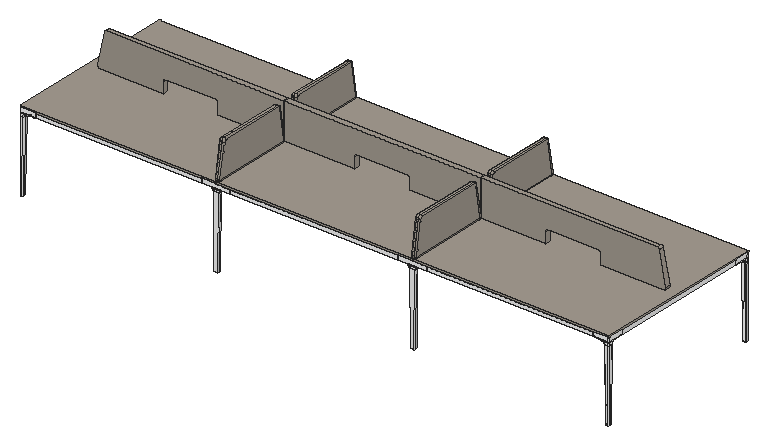
Revit family "BDG_BossDesign_Tbls_ATOM_Desks1", category Furniture, Revit 2016 (continued)
Definition of nested family "AtomTablesPartitionsSet2"
  Forms (mm)
    Extrusion 15, solid, material <- "ScreenPanelMaterial", visible <- "IsVerticalPartition3Bay"
      sketch origin (1000, 0, 0) x (0, 1, 0) y (0, 0, 1)
        loop
          line (729.612, 1065) -> (107.836, 1065)
          arc (107.836, 1065) -> (94.956, 1060.301) -> (88.129, 1048.411) r 20
      from -20 to 20
    Sweep 16, void
      path in 3D
        loop
          arc (980, 729.612, 1065) -> (980, 742.492, 1060.301) -> (980, 749.319, 1048.411) r 20
          line (980, 749.319, 1048.411) -> (980, 799.511, 758.411)
          arc (980, 799.511, 758.411) -> (980, 795.105, 742.12) -> (980, 779.804, 735) r 20
          line (980, 779.804, 735) -> (980, 57.643, 735)
          arc (980, 57.643, 735) -> (980, 42.343, 742.12) -> (980, 37.936, 758.411) r 20
          line (980, 37.936, 758.411) -> (980, 88.129, 1048.411)
          arc (980, 88.129, 1048.411) -> (980, 94.956, 1060.301) -> (980, 107.836, 1065) r 20
          line (980, 107.836, 1065) -> (980, 729.612, 1065)
      profile origin (980, 418.724, 1065) x (-1, 0, 0) y (0, 0, 1)
        loop
          line (0, 0) -> (-10, 0)
          arc (-10, 0) -> (-2.929, -2.929) -> (0, -10) r 10
          line (0, -10) -> (0, 0)
    Sweep 17, void
      path in 3D
        loop
          arc (-1020, 729.612, 1065) -> (-1020, 742.492, 1060.301) -> (-1020, 749.319, 1048.411) r 20
          line (-1020, 749.319, 1048.411) -> (-1020, 799.511, 758.411)
          arc (-1020, 799.511, 758.411) -> (-1020, 795.105, 742.12) -> (-1020, 779.804, 735) r 20
          line (-1020, 779.804, 735) -> (-1020, 57.643, 735)
          arc (-1020, 57.643, 735) -> (-1020, 42.343, 742.12) -> (-1020, 37.936, 758.411) r 20
          line (-1020, 37.936, 758.411) -> (-1020, 88.129, 1048.411)
          arc (-1020, 88.129, 1048.411) -> (-1020, 94.956, 1060.301) -> (-1020, 107.836, 1065) r 20
          line (-1020, 107.836, 1065) -> (-1020, 729.612, 1065)
      profile origin (-1020, 418.724, 1065) x (-1, 0, 0) y (0, 0, 1)
        loop
          line (0, 0) -> (-10, 0)
          arc (-10, 0) -> (-2.929, -2.929) -> (0, -10) r 10
          line (0, -10) -> (0, 0)
    Sweep 18, void
      path in 3D
        loop
          line (1020, 107.836, 1065) -> (1020, 729.612, 1065)
          arc (1020, 729.612, 1065) -> (1020, 742.492, 1060.301) -> (1020, 749.319, 1048.411) r 20
          line (1020, 749.319, 1048.411) -> (1020, 799.511, 758.411)
          arc (1020, 799.511, 758.411) -> (1020, 795.105, 742.12) -> (1020, 779.804, 735) r 20
          line (1020, 779.804, 735) -> (1020, 57.643, 735)
          arc (1020, 57.643, 735) -> (1020, 42.343, 742.12) -> (1020, 37.936, 758.411) r 20
          line (1020, 37.936, 758.411) -> (1020, 88.129, 1048.411)
          arc (1020, 88.129, 1048.411) -> (1020, 94.956, 1060.301) -> (1020, 107.836, 1065) r 20
      profile origin (1020, 94.956, 1060.301) x (0, -0.643995, 0.76503) y (1, 0, 0)
        loop
          line (0, 0) -> (-10, 0)
          arc (-10, 0) -> (-2.929, -2.929) -> (0, -10) r 10
          line (0, -10) -> (0, 0)
    Sweep 19, void
      path in 3D
        loop
          arc (-980, 107.836, 1065) -> (-980, 94.956, 1060.301) -> (-980, 88.129, 1048.411) r 20
          line (-980, 88.129, 1048.411) -> (-980, 37.936, 758.411)
          arc (-980, 37.936, 758.411) -> (-980, 42.343, 742.12) -> (-980, 57.643, 735) r 20
          line (-980, 57.643, 735) -> (-980, 779.804, 735)
          arc (-980, 779.804, 735) -> (-980, 795.105, 742.12) -> (-980, 799.511, 758.411) r 20
          line (-980, 799.511, 758.411) -> (-980, 749.319, 1048.411)
          arc (-980, 749.319, 1048.411) -> (-980, 742.492, 1060.301) -> (-980, 729.612, 1065) r 20
          line (-980, 729.612, 1065) -> (-980, 107.836, 1065)
      profile origin (-980, 418.724, 1065) x (1, 0, 0) y (0, 0, 1)
        loop
          line (0, 0) -> (-10, 0)
          arc (-10, 0) -> (-2.929, -2.929) -> (0, -10) r 10
          line (0, -10) -> (0, 0)
    Extrusion 20, solid, material <- "ScreenPanelMaterial", visible <- "IsVerticalPartition3Bay"
      sketch origin (-1000, 0, 0) x (0, -1, 0) y (0, 0, 1)
        loop
          line (88.129, 1048.411) -> (37.936, 758.411)
          arc (37.936, 758.411) -> (42.343, 742.12) -> (57.643, 735) r 20
          line (57.643, 735) -> (779.804, 735)
          arc (779.804, 735) -> (795.105, 742.12) -> (799.511, 758.411) r 20
          line (799.511, 758.411) -> (749.319, 1048.411)
          arc (749.319, 1048.411) -> (742.492, 1060.301) -> (729.612, 1065) r 20
          line (729.612, 1065) -> (107.836, 1065)
          arc (107.836, 1065) -> (94.956, 1060.301) -> (88.129, 1048.411) r 20
      from -20 to 20
    Extrusion 21, solid, material <- "ScreenPanelMaterial", visible <- "IsVerticalPartition3Bay"
      sketch origin (1000, 0, 0) x (0, -1, 0) y (0, 0, -1)
        loop
          arc (88.129, -1048.411) -> (94.956, -1060.301) -> (107.836, -1065) r 20
          line (107.836, -1065) -> (729.612, -1065)
          arc (729.612, -1065) -> (742.492, -1060.301) -> (749.319, -1048.411) r 20
          line (749.319, -1048.411) -> (799.511, -758.411)
          arc (799.511, -758.411) -> (795.105, -742.12) -> (779.804, -735) r 20
          line (779.804, -735) -> (57.643, -735)
          arc (57.643, -735) -> (42.343, -742.12) -> (37.936, -758.411) r 20
          line (37.936, -758.411) -> (88.129, -1048.411)
      from -20 to 20
    Sweep 22, void
      path in 3D
        loop
          arc (-980, -729.612, 1065) -> (-980, -742.492, 1060.301) -> (-980, -749.319, 1048.411) r 20
          line (-980, -749.319, 1048.411) -> (-980, -799.511, 758.411)
          arc (-980, -799.511, 758.411) -> (-980, -795.105, 742.12) -> (-980, -779.804, 735) r 20
          line (-980, -779.804, 735) -> (-980, -57.643, 735)
          arc (-980, -57.643, 735) -> (-980, -42.343, 742.12) -> (-980, -37.936, 758.411) r 20
          line (-980, -37.936, 758.411) -> (-980, -88.129, 1048.411)
          arc (-980, -88.129, 1048.411) -> (-980, -94.956, 1060.301) -> (-980, -107.836, 1065) r 20
          line (-980, -107.836, 1065) -> (-980, -729.612, 1065)
      profile origin (-980, -418.724, 1065) x (1, 0, 0) y (0, 0, 1)
        loop
          line (0, 0) -> (-10, 0)
          arc (-10, 0) -> (-2.929, -2.929) -> (0, -10) r 10
          line (0, -10) -> (0, 0)
    Sweep 23, void
      path in 3D
        loop
          arc (1020, -729.612, 1065) -> (1020, -742.492, 1060.301) -> (1020, -749.319, 1048.411) r 20
          line (1020, -749.319, 1048.411) -> (1020, -799.511, 758.411)
          arc (1020, -799.511, 758.411) -> (1020, -795.105, 742.12) -> (1020, -779.804, 735) r 20
          line (1020, -779.804, 735) -> (1020, -57.643, 735)
          arc (1020, -57.643, 735) -> (1020, -42.343, 742.12) -> (1020, -37.936, 758.411) r 20
          line (1020, -37.936, 758.411) -> (1020, -88.129, 1048.411)
          arc (1020, -88.129, 1048.411) -> (1020, -94.956, 1060.301) -> (1020, -107.836, 1065) r 20
          line (1020, -107.836, 1065) -> (1020, -729.612, 1065)
      profile origin (1020, -418.724, 1065) x (1, 0, 0) y (0, 0, 1)
        loop
          line (0, 0) -> (-10, 0)
          arc (-10, 0) -> (-2.929, -2.929) -> (0, -10) r 10
          line (0, -10) -> (0, 0)
    Sweep 24, void
      path in 3D
        loop
          arc (980, -107.836, 1065) -> (980, -94.956, 1060.301) -> (980, -88.129, 1048.411) r 20
          line (980, -88.129, 1048.411) -> (980, -37.936, 758.411)
          arc (980, -37.936, 758.411) -> (980, -42.343, 742.12) -> (980, -57.643, 735) r 20
          line (980, -57.643, 735) -> (980, -779.804, 735)
          arc (980, -779.804, 735) -> (980, -795.105, 742.12) -> (980, -799.511, 758.411) r 20
          line (980, -799.511, 758.411) -> (980, -749.319, 1048.411)
          arc (980, -749.319, 1048.411) -> (980, -742.492, 1060.301) -> (980, -729.612, 1065) r 20
          line (980, -729.612, 1065) -> (980, -107.836, 1065)
      profile origin (980, -418.724, 1065) x (-1, 0, 0) y (0, 0, 1)
        loop
          line (0, 0) -> (-10, 0)
          arc (-10, 0) -> (-2.929, -2.929) -> (0, -10) r 10
          line (0, -10) -> (0, 0)
    Sweep 25, void
      path in 3D
        loop
          line (-1020, -107.836, 1065) -> (-1020, -729.612, 1065)
          arc (-1020, -729.612, 1065) -> (-1020, -742.492, 1060.301) -> (-1020, -749.319, 1048.411) r 20
          line (-1020, -749.319, 1048.411) -> (-1020, -799.511, 758.411)
          arc (-1020, -799.511, 758.411) -> (-1020, -795.105, 742.12) -> (-1020, -779.804, 735) r 20
          line (-1020, -779.804, 735) -> (-1020, -57.643, 735)
          arc (-1020, -57.643, 735) -> (-1020, -42.343, 742.12) -> (-1020, -37.936, 758.411) r 20
          line (-1020, -37.936, 758.411) -> (-1020, -88.129, 1048.411)
          arc (-1020, -88.129, 1048.411) -> (-1020, -94.956, 1060.301) -> (-1020, -107.836, 1065) r 20
      profile origin (-1020, -94.956, 1060.301) x (0, 0.643995, 0.76503) y (-1, 0, 0)
        loop
          line (0, 0) -> (-10, 0)
          arc (-10, 0) -> (-2.929, -2.929) -> (0, -10) r 10
          line (0, -10) -> (0, 0)
    Extrusion 26, solid, material <- "ScreenPanelMaterial", visible <- "Is3BayPartitionOther"
      sketch origin (-2422.54, 0, 0) x (1, 0, 0) y (0, 0, 1)
        loop
          line (477.936, 1048.959) -> (419.378, 758.959)
          arc (419.378, 758.959) -> (423.504, 742.335) -> (438.982, 735) r 20
          line (438.982, 735) -> (818.54, 735) -> (818.54, 835)
          arc (818.54, 835) -> (824.398, 849.142) -> (838.54, 855) r 20
          line (838.54, 855) -> (1298.54, 855)
          arc (1298.54, 855) -> (1312.682, 849.142) -> (1318.54, 835) r 20
          line (1318.54, 835) -> (1318.54, 735) -> (1722.54, 735) -> (1722.54, 1065) -> (497.54, 1065)
          arc (497.54, 1065) -> (484.875, 1060.479) -> (477.936, 1048.959) r 20
      from -20 to 20
    Extrusion 27, solid, material <- "ScreenPanelMaterial", visible <- "Is3BayPartition"
      sketch origin (-3122.54, 0, 0) x (1, 0, 0) y (0, 0, 1)
        loop
          line (577.936, 1048.959) -> (519.378, 758.959)
          arc (519.378, 758.959) -> (523.504, 742.335) -> (538.982, 735) r 20
          line (538.982, 735) -> (1118.54, 735) -> (1118.54, 835)
          arc (1118.54, 835) -> (1124.398, 849.142) -> (1138.54, 855) r 20
          line (1138.54, 855) -> (1598.54, 855)
          arc (1598.54, 855) -> (1612.682, 849.142) -> (1618.54, 835) r 20
          line (1618.54, 835) -> (1618.54, 735) -> (2222.54, 735) -> (2222.54, 1065) -> (597.54, 1065)
          arc (597.54, 1065) -> (584.875, 1060.479) -> (577.936, 1048.959) r 20
      from -20 to 20
    Extrusion 28, solid, material <- "ScreenPanelMaterial", visible <- "Is3BayPartition"
      sketch origin (3122.54, 0, 0) x (-1, 0, 0) y (0, 0, -1)
        loop
          arc (577.936, -1048.959) -> (584.875, -1060.479) -> (597.54, -1065) r 20
          line (597.54, -1065) -> (2222.54, -1065) -> (2222.54, -735) -> (1618.54, -735) -> (1618.54, -835)
          arc (1618.54, -835) -> (1612.682, -849.142) -> (1598.54, -855) r 20
          line (1598.54, -855) -> (1138.54, -855)
          arc (1138.54, -855) -> (1124.398, -849.142) -> (1118.54, -835) r 20
          line (1118.54, -835) -> (1118.54, -735) -> (538.982, -735)
          arc (538.982, -735) -> (523.504, -742.335) -> (519.378, -758.959) r 20
          line (519.378, -758.959) -> (577.936, -1048.959)
      from -20 to 20
    Extrusion 29, solid, material <- "ScreenPanelMaterial", visible <- "Is3BayPartitionOther"
      sketch origin (2422.54, 0, 0) x (-1, 0, 0) y (0, 0, -1)
        loop
          arc (477.936, -1048.959) -> (484.875, -1060.479) -> (497.54, -1065) r 20
          line (497.54, -1065) -> (1722.54, -1065) -> (1722.54, -735) -> (1318.54, -735) -> (1318.54, -835)
          arc (1318.54, -835) -> (1312.682, -849.142) -> (1298.54, -855) r 20
          line (1298.54, -855) -> (838.54, -855)
          arc (838.54, -855) -> (824.398, -849.142) -> (818.54, -835) r 20
          line (818.54, -835) -> (818.54, -735) -> (438.982, -735)
          arc (438.982, -735) -> (423.504, -742.335) -> (419.378, -758.959) r 20
          line (419.378, -758.959) -> (477.936, -1048.959)
      from -20 to 20
  Cuts and joins
    Sweep 4, Sweep 5, Sweep 10 cuts Extrusion 2
    Sweep 6, Sweep 7 cuts Extrusion 1
    Sweep 10, Sweep 11 cuts Extrusion 9
    Sweep 12, Sweep 13 cuts Extrusion 8
    Sweep 16, Sweep 18 cuts Extrusion 15
    Sweep 17, Sweep 19 cuts Extrusion 14
    Sweep 22, Sweep 25 cuts Extrusion 20
    Sweep 23, Sweep 24 cuts Extrusion 21
  Lines and regions (mm)
    sketch lines
      curve 1: line (-20, -88.129, 1048.411) -> (-20, -37.936, 758.411)
      curve 2: arc (-20, -729.612, 1065) -> (-20, -742.492, 1060.301) -> (-20, -749.319, 1048.411) r 20
      curve 3: line (-20, -729.612, 1065) -> (-20, -107.836, 1065)
      curve 4: line (-20, -799.511, 758.411) -> (-20, -749.319, 1048.411)
      curve 5: arc (-20, -799.511, 758.411) -> (-20, -795.105, 742.12) -> (-20, -779.804, 735) r 20
      curve 6: line (-20, -57.643, 735) -> (-20, -779.804, 735)
      curve 7: arc (-20, -57.643, 735) -> (-20, -42.343, 742.12) -> (-20, -37.936, 758.411) r 20
      curve 8: arc (-20, -88.129, 1048.411) -> (-20, -94.956, 1060.301) -> (-20, -107.836, 1065) r 20
      curve 9: line (20, -107.836, 1065) -> (20, -729.612, 1065)
      curve 10: arc (20, -107.836, 1065) -> (20, -94.956, 1060.301) -> (20, -88.129, 1048.411) r 20
      curve 11: line (20, -37.936, 758.411) -> (20, -88.129, 1048.411)
      curve 12: arc (20, -37.936, 758.411) -> (20, -42.343, 742.12) -> (20, -57.643, 735) r 20
      curve 13: line (20, -779.804, 735) -> (20, -57.643, 735)
      curve 14: arc (20, -779.804, 735) -> (20, -795.105, 742.12) -> (20, -799.511, 758.411) r 20
      curve 15: line (20, -749.319, 1048.411) -> (20, -799.511, 758.411)
      curve 16: arc (20, -749.319, 1048.411) -> (20, -742.492, 1060.301) -> (20, -729.612, 1065) r 20
      curve 17: arc (20, 729.612, 1065) -> (20, 742.492, 1060.301) -> (20, 749.319, 1048.411) r 20
      curve 18: line (20, 799.511, 758.411) -> (20, 749.319, 1048.411)
      curve 19: arc (20, 799.511, 758.411) -> (20, 795.105, 742.12) -> (20, 779.804, 735) r 20
      curve 20: line (20, 57.643, 735) -> (20, 779.804, 735)
      curve 21: arc (20, 57.643, 735) -> (20, 42.343, 742.12) -> (20, 37.936, 758.411) r 20
      curve 22: line (20, 88.129, 1048.411) -> (20, 37.936, 758.411)
      curve 23: arc (20, 88.129, 1048.411) -> (20, 94.956, 1060.301) -> (20, 107.836, 1065) r 20
      curve 24: line (20, 729.612, 1065) -> (20, 107.836, 1065)
      curve 25: arc (-20, 107.836, 1065) -> (-20, 94.956, 1060.301) -> (-20, 88.129, 1048.411) r 20
      curve 26: line (-20, 37.936, 758.411) -> (-20, 88.129, 1048.411)
      curve 27: arc (-20, 37.936, 758.411) -> (-20, 42.343, 742.12) -> (-20, 57.643, 735) r 20
      curve 28: line (-20, 779.804, 735) -> (-20, 57.643, 735)
      curve 29: arc (-20, 779.804, 735) -> (-20, 795.105, 742.12) -> (-20, 799.511, 758.411) r 20
      curve 30: line (-20, 749.319, 1048.411) -> (-20, 799.511, 758.411)
      curve 31: line (-20, 107.836, 1065) -> (-20, 729.612, 1065)
      curve 32: arc (-20, 749.319, 1048.411) -> (-20, 742.492, 1060.301) -> (-20, 729.612, 1065) r 20
      curve 33: line (-20, -88.129, 1048.411) -> (-20, -37.936, 758.411)
      curve 34: arc (-20, -729.612, 1065) -> (-20, -742.492, 1060.301) -> (-20, -749.319, 1048.411) r 20
      curve 35: line (-20, -729.612, 1065) -> (-20, -107.836, 1065)
      curve 36: line (-20, -799.511, 758.411) -> (-20, -749.319, 1048.411)
      curve 37: arc (-20, -799.511, 758.411) -> (-20, -795.105, 742.12) -> (-20, -779.804, 735) r 20
      curve 38: line (-20, -57.643, 735) -> (-20, -779.804, 735)
      curve 39: arc (-20, -57.643, 735) -> (-20, -42.343, 742.12) -> (-20, -37.936, 758.411) r 20
      curve 40: arc (-20, -88.129, 1048.411) -> (-20, -94.956, 1060.301) -> (-20, -107.836, 1065) r 20
      curve 41: line (20, -107.836, 1065) -> (20, -729.612, 1065)
      curve 42: arc (20, -107.836, 1065) -> (20, -94.956, 1060.301) -> (20, -88.129, 1048.411) r 20
      curve 43: line (20, -37.936, 758.411) -> (20, -88.129, 1048.411)
      curve 44: arc (20, -37.936, 758.411) -> (20, -42.343, 742.12) -> (20, -57.643, 735) r 20
      curve 45: line (20, -779.804, 735) -> (20, -57.643, 735)
      curve 46: arc (20, -779.804, 735) -> (20, -795.105, 742.12) -> (20, -799.511, 758.411) r 20
      curve 47: line (20, -749.319, 1048.411) -> (20, -799.511, 758.411)
      curve 48: arc (20, -749.319, 1048.411) -> (20, -742.492, 1060.301) -> (20, -729.612, 1065) r 20
      curve 49: arc (20, 729.612, 1065) -> (20, 742.492, 1060.301) -> (20, 749.319, 1048.411) r 20
      curve 50: line (20, 799.511, 758.411) -> (20, 749.319, 1048.411)
      curve 51: arc (20, 799.511, 758.411) -> (20, 795.105, 742.12) -> (20, 779.804, 735) r 20
      curve 52: line (20, 57.643, 735) -> (20, 779.804, 735)
      curve 53: arc (20, 57.643, 735) -> (20, 42.343, 742.12) -> (20, 37.936, 758.411) r 20
      curve 54: line (20, 88.129, 1048.411) -> (20, 37.936, 758.411)
      curve 55: arc (20, 88.129, 1048.411) -> (20, 94.956, 1060.301) -> (20, 107.836, 1065) r 20
      curve 56: line (20, 729.612, 1065) -> (20, 107.836, 1065)
      curve 57: arc (-20, 107.836, 1065) -> (-20, 94.956, 1060.301) -> (-20, 88.129, 1048.411) r 20
      curve 58: line (-20, 37.936, 758.411) -> (-20, 88.129, 1048.411)
      curve 59: arc (-20, 37.936, 758.411) -> (-20, 42.343, 742.12) -> (-20, 57.643, 735) r 20
      curve 60: line (-20, 779.804, 735) -> (-20, 57.643, 735)
      curve 61: arc (-20, 779.804, 735) -> (-20, 795.105, 742.12) -> (-20, 799.511, 758.411) r 20
      curve 62: line (-20, 749.319, 1048.411) -> (-20, 799.511, 758.411)
      curve 63: line (-20, 107.836, 1065) -> (-20, 729.612, 1065)
      curve 64: arc (-20, 749.319, 1048.411) -> (-20, 742.492, 1060.301) -> (-20, 729.612, 1065) r 20
      curve 65: line (980, 107.836, 1065) -> (980, 729.612, 1065)
      curve 66: arc (980, 107.836, 1065) -> (980, 94.956, 1060.301) -> (980, 88.129, 1048.411) r 20
      curve 67: line (980, 37.936, 758.411) -> (980, 88.129, 1048.411)
      curve 68: arc (980, 37.936, 758.411) -> (980, 42.343, 742.12) -> (980, 57.643, 735) r 20
      curve 69: line (980, 779.804, 735) -> (980, 57.643, 735)
      curve 70: arc (980, 779.804, 735) -> (980, 795.105, 742.12) -> (980, 799.511, 758.411) r 20
      curve 71: line (980, 749.319, 1048.411) -> (980, 799.511, 758.411)
      curve 72: arc (980, 749.319, 1048.411) -> (980, 742.492, 1060.301) -> (980, 729.612, 1065) r 20
      curve 73: line (-1020, 107.836, 1065) -> (-1020, 729.612, 1065)
      curve 74: arc (-1020, 107.836, 1065) -> (-1020, 94.956, 1060.301) -> (-1020, 88.129, 1048.411) r 20
      curve 75: line (-1020, 37.936, 758.411) -> (-1020, 88.129, 1048.411)
      curve 76: arc (-1020, 37.936, 758.411) -> (-1020, 42.343, 742.12) -> (-1020, 57.643, 735) r 20
      curve 77: line (-1020, 779.804, 735) -> (-1020, 57.643, 735)
      curve 78: arc (-1020, 779.804, 735) -> (-1020, 795.105, 742.12) -> (-1020, 799.511, 758.411) r 20
      curve 79: line (-1020, 749.319, 1048.411) -> (-1020, 799.511, 758.411)
      curve 80: arc (-1020, 749.319, 1048.411) -> (-1020, 742.492, 1060.301) -> (-1020, 729.612, 1065) r 20
      curve 81: arc (1020, 88.129, 1048.411) -> (1020, 94.956, 1060.301) -> (1020, 107.836, 1065) r 20
      curve 82: line (1020, 729.612, 1065) -> (1020, 107.836, 1065)
      curve 83: arc (1020, 57.643, 735) -> (1020, 42.343, 742.12) -> (1020, 37.936, 758.411) r 20
      curve 84: line (1020, 88.129, 1048.411) -> (1020, 37.936, 758.411)
      curve 85: line (1020, 57.643, 735) -> (1020, 779.804, 735)
      curve 86: line (1020, 799.511, 758.411) -> (1020, 749.319, 1048.411)
      curve 87: arc (1020, 799.511, 758.411) -> (1020, 795.105, 742.12) -> (1020, 779.804, 735) r 20
      curve 88: arc (1020, 729.612, 1065) -> (1020, 742.492, 1060.301) -> (1020, 749.319, 1048.411) r 20
      curve 89: line (-980, 729.612, 1065) -> (-980, 107.836, 1065)
      curve 90: arc (-980, 88.129, 1048.411) -> (-980, 94.956, 1060.301) -> (-980, 107.836, 1065) r 20
      curve 91: line (-980, 88.129, 1048.411) -> (-980, 37.936, 758.411)
      curve 92: arc (-980, 57.643, 735) -> (-980, 42.343, 742.12) -> (-980, 37.936, 758.411) r 20
      curve 93: line (-980, 57.643, 735) -> (-980, 779.804, 735)
      curve 94: arc (-980, 799.511, 758.411) -> (-980, 795.105, 742.12) -> (-980, 779.804, 735) r 20
      curve 95: line (-980, 799.511, 758.411) -> (-980, 749.319, 1048.411)
      curve 96: arc (-980, 729.612, 1065) -> (-980, 742.492, 1060.301) -> (-980, 749.319, 1048.411) r 20
      curve 97: line (-980, -107.836, 1065) -> (-980, -729.612, 1065)
      curve 98: line (-980, -37.936, 758.411) -> (-980, -88.129, 1048.411)
      curve 99: arc (-980, -107.836, 1065) -> (-980, -94.956, 1060.301) -> (-980, -88.129, 1048.411) r 20
      curve 100: arc (-980, -37.936, 758.411) -> (-980, -42.343, 742.12) -> (-980, -57.643, 735) r 20
      curve 101: line (-980, -779.804, 735) -> (-980, -57.643, 735)
      curve 102: arc (-980, -779.804, 735) -> (-980, -795.105, 742.12) -> (-980, -799.511, 758.411) r 20
      curve 103: line (-980, -749.319, 1048.411) -> (-980, -799.511, 758.411)
      curve 104: arc (-980, -749.319, 1048.411) -> (-980, -742.492, 1060.301) -> (-980, -729.612, 1065) r 20
      curve 105: line (1020, -107.836, 1065) -> (1020, -729.612, 1065)
      curve 106: arc (1020, -107.836, 1065) -> (1020, -94.956, 1060.301) -> (1020, -88.129, 1048.411) r 20
      curve 107: line (1020, -37.936, 758.411) -> (1020, -88.129, 1048.411)
      curve 108: arc (1020, -37.936, 758.411) -> (1020, -42.343, 742.12) -> (1020, -57.643, 735) r 20
      curve 109: line (1020, -779.804, 735) -> (1020, -57.643, 735)
      curve 110: arc (1020, -779.804, 735) -> (1020, -795.105, 742.12) -> (1020, -799.511, 758.411) r 20
      curve 111: line (1020, -749.319, 1048.411) -> (1020, -799.511, 758.411)
      curve 112: arc (1020, -749.319, 1048.411) -> (1020, -742.492, 1060.301) -> (1020, -729.612, 1065) r 20
      curve 113: line (980, -729.612, 1065) -> (980, -107.836, 1065)
      curve 114: arc (980, -88.129, 1048.411) -> (980, -94.956, 1060.301) -> (980, -107.836, 1065) r 20
      curve 115: line (980, -88.129, 1048.411) -> (980, -37.936, 758.411)
      curve 116: arc (980, -57.643, 735) -> (980, -42.343, 742.12) -> (980, -37.936, 758.411) r 20
      curve 117: line (980, -57.643, 735) -> (980, -779.804, 735)
      curve 118: arc (980, -799.511, 758.411) -> (980, -795.105, 742.12) -> (980, -779.804, 735) r 20
      curve 119: line (980, -799.511, 758.411) -> (980, -749.319, 1048.411)
      curve 120: arc (980, -729.612, 1065) -> (980, -742.492, 1060.301) -> (980, -749.319, 1048.411) r 20
      curve 121: arc (-1020, -88.129, 1048.411) -> (-1020, -94.956, 1060.301) -> (-1020, -107.836, 1065) r 20
      curve 122: line (-1020, -57.643, 735) -> (-1020, -779.804, 735)
      curve 123: arc (-1020, -57.643, 735) -> (-1020, -42.343, 742.12) -> (-1020, -37.936, 758.411) r 20
      curve 124: line (-1020, -88.129, 1048.411) -> (-1020, -37.936, 758.411)
      curve 125: arc (-1020, -729.612, 1065) -> (-1020, -742.492, 1060.301) -> (-1020, -749.319, 1048.411) r 20
      curve 126: line (-1020, -729.612, 1065) -> (-1020, -107.836, 1065)
      curve 127: line (-1020, -799.511, 758.411) -> (-1020, -749.319, 1048.411)
      curve 128: arc (-1020, -799.511, 758.411) -> (-1020, -795.105, 742.12) -> (-1020, -779.804, 735) r 20
  Dimensions and locks
    plane 5 to plane 3 "Center (Left/Right)" to plane 4 = 20 mm locked, 20 mm locked
    locked: plane 8 to plane 9 at 12
    plane 9 to plane 2 = 723 mm
    plane 10 to plane 11 = 18 mm
    locked: plane 10 to plane 8 at 330
    Extrusion 1 sketch curve to plane 12 = 57.643 mm
    locked: Extrusion 1 sketch curve to plane 8 at 20  (x2)
    "VerticalPartitionLength": plane 13 to plane 12
    plane 13 to Extrusion 1 sketch curve = 20.196 mm
    equal spacing: plane 14, plane 1 "Center (Front/Back)", plane 15
    locked: plane 14 to plane 15 at 40
    equal spacing: plane 16, plane 3 "Center (Left/Right)", plane 17
    "3BayPartitionBetween1&3": plane 16 to plane 17
    locked: plane 13 to Extrusion 1 sketch curve at 70.388
    locked: plane 10 to Extrusion 1 sketch curve at 20  (x2)
    locked: Extrusion 1 sketch curve to plane 12 at 107.836
    Extrusion 2 sketch curve to plane 18 = 57.643 mm
    "VerticalPartitionLength": plane 19 to plane 18
    plane 19 to Extrusion 2 sketch curve = 20.196 mm
    locked: plane 19 to Extrusion 2 sketch curve at 70.388
    locked: Extrusion 2 sketch curve to plane 18 at 107.836
    "CentralPartition": plane 21 to plane 20
    equal spacing: plane 21, plane 3 "Center (Left/Right)", plane 20
    plane 3 "Center (Left/Right)" to plane 22 = 2000 mm
    plane 23 to plane 3 "Center (Left/Right)" = 2000 mm
    plane 25 to plane 3 "Center (Left/Right)" to plane 24 = 20 mm locked, 20 mm locked
    Extrusion 8 sketch curve to plane 26 = 57.643 mm
    "VerticalPartitionLength": plane 27 to plane 26
    plane 27 to Extrusion 8 sketch curve = 20.196 mm
    locked: plane 27 to Extrusion 8 sketch curve at 70.388
    locked: Extrusion 8 sketch curve to plane 26 at 107.836
    Extrusion 9 sketch curve to plane 28 = 57.643 mm
    "VerticalPartitionLength": plane 29 to plane 28
    plane 29 to Extrusion 9 sketch curve = 20.196 mm
    locked: plane 29 to Extrusion 9 sketch curve at 70.388
    locked: Extrusion 9 sketch curve to plane 28 at 107.836
    Extrusion 14 sketch curve to plane 30 = 57.643 mm
    "VerticalPartitionLength": plane 31 to plane 30
    plane 31 to Extrusion 14 sketch curve = 20.196 mm
    locked: plane 31 to Extrusion 14 sketch curve at 70.388
    locked: Extrusion 14 sketch curve to plane 30 at 107.836
    locked: plane 33 to plane 32 at 40
    "OffSetforVerticalPartitions3Bay": plane 32 to plane 3 "Center (Left/Right)"
    Extrusion 15 sketch curve to plane 34 = 57.643 mm
    "VerticalPartitionLength": plane 35 to plane 34
    plane 35 to Extrusion 15 sketch curve = 20.196 mm
    locked: plane 35 to Extrusion 15 sketch curve at 70.388
    locked: Extrusion 15 sketch curve to plane 34 at 107.836
    locked: plane 37 to plane 36 at 40
    "OffSetforVerticalPartitions3Bay": plane 3 "Center (Left/Right)" to plane 36
    Extrusion 20 sketch curve to plane 38 = 57.643 mm
    "VerticalPartitionLength": plane 39 to plane 38
    plane 39 to Extrusion 20 sketch curve = 20.196 mm
    locked: plane 39 to Extrusion 20 sketch curve at 70.388
    locked: Extrusion 20 sketch curve to plane 38 at 107.836
    Extrusion 21 sketch curve to plane 40 = 57.643 mm
    "VerticalPartitionLength": plane 41 to plane 40
    plane 41 to Extrusion 21 sketch curve = 20.196 mm
    locked: plane 41 to Extrusion 21 sketch curve at 70.388
    locked: Extrusion 21 sketch curve to plane 40 at 107.836
    locked: Extrusion 3 sketch curve to plane 42 at 20
    locked: Extrusion 3 sketch curve to plane 43 at 20
    locked: plane 44 to Extrusion 3 sketch curve at 20  (x2)
    locked: plane 44 to plane 8 at 120
    locked: plane 43 to plane 42 at 500
    locked: plane 47 to plane 48 at 63
    locked: plane 47 to Extrusion 26 sketch curve at 38.558
    locked: Extrusion 26 sketch curve to plane 48 at 83
    locked: plane 51 to plane 48 at 604
    locked: plane 52 to plane 53 at 63
    locked: plane 52 to Extrusion 27 sketch curve at 38.558
    locked: Extrusion 27 sketch curve to plane 53 at 83
    locked: plane 56 to plane 55 at 500
    locked: plane 55 to plane 53 at 604
    locked: plane 57 to plane 3 "Center (Left/Right)" at 900
    locked: plane 57 to plane 53 at 1708
    locked: plane 58 to plane 59 at 63
    locked: plane 58 to Extrusion 28 sketch curve at 38.558
    locked: Extrusion 28 sketch curve to plane 59 at 83
    locked: plane 62 to plane 61 at 500
    locked: plane 61 to plane 59 at 604
    locked: plane 63 to plane 59 at 1708
    locked: plane 63 to plane 3 "Center (Left/Right)" at 900
    locked: plane 3 "Center (Left/Right)" to plane 64 at 700
    locked: plane 64 to plane 48 at 1308
    locked: plane 50 to plane 8 at 120
    locked: plane 65 to plane 66 at 500
    locked: plane 66 to plane 64 at 404
    locked: plane 67 to plane 68 at 63
    locked: plane 67 to Extrusion 29 sketch curve at 38.558
    locked: Extrusion 29 sketch curve to plane 68 at 83
    locked: plane 71 to plane 68 at 604
    locked: plane 72 to plane 68 at 1308
    locked: plane 73 to plane 74 at 500
    locked: plane 74 to plane 72 at 404
    aligned and locked: level to plane 2
    aligned and locked: Extrusion 1 to plane 5
    aligned and locked: Extrusion 1 to plane 4
    aligned and locked: plane 1 "Center (Front/Back)" to plane 12
    aligned and locked: plane 10 to Extrusion 1 sketch curve
    aligned and locked: plane 20 to Extrusion 3 sketch curve
    aligned and locked: plane 14 to Extrusion 3
    aligned and locked: plane 15 to Extrusion 3
    aligned and locked: Extrusion 8 to plane 25
    aligned and locked: Extrusion 8 to plane 24
    aligned and locked: Extrusion 15 to plane 36
    aligned and locked: plane 37 to Extrusion 15
    aligned and locked: plane 33 to Extrusion 14
    aligned and locked: Extrusion 14 to plane 32
    aligned and locked: Extrusion 15 to plane 37  (x2)
    aligned and locked: plane 36 to Extrusion 15  (x2)
    aligned and locked: plane 32 to Extrusion 14
    aligned and locked: Extrusion 14 to plane 33
    aligned and locked: plane 33 to Extrusion 20
    aligned and locked: Extrusion 20 to plane 32
    aligned and locked: Extrusion 21 to plane 36
    aligned and locked: plane 36 to Extrusion 21
    aligned and locked: plane 37 to Extrusion 21
    aligned and locked: Extrusion 3 sketch curve to plane 8
    aligned and locked: plane 21 to Extrusion 3 sketch curve
    aligned and locked: Extrusion 26 sketch curve to plane 50
    aligned and locked: Extrusion 27 sketch curve to plane 54
    aligned and locked: plane 55 to Extrusion 27 sketch curve
    aligned and locked: Extrusion 27 sketch curve to plane 56
    aligned and locked: plane 57 to Extrusion 27 sketch curve
    aligned and locked: plane 60 to Extrusion 28 sketch curve
    aligned and locked: Extrusion 28 sketch curve to plane 61
    aligned and locked: plane 62 to Extrusion 28 sketch curve
    aligned and locked: Extrusion 28 sketch curve to plane 63
    aligned and locked: Extrusion 26 sketch curve to plane 64
    aligned and locked: plane 70 to Extrusion 29 sketch curve
    aligned and locked: plane 72 to Extrusion 29 sketch curve
    aligned and locked: plane 46 to plane 72
  Automatic sketch dimensions
    Extrusion 3 sketch curve to plane 8 = 0 mm
    Extrusion 3 sketch curve to plane 42 = 0 mm
    Extrusion 3 sketch curve to plane 10 = 0 mm
    profile plane to Sweep 4 sketch curve = 0 mm
    Sweep 4 sketch curve to profile plane = 0 mm
    Sweep 4 sketch curve to Sweep 4 sketch curve = 10 mm
    Sweep 5 sketch curve to profile plane = 0 mm
    profile plane to Sweep 5 sketch curve = 0 mm
    Sweep 5 sketch curve to Sweep 5 sketch curve = 10 mm
    Sweep 6 sketch curve to profile plane = 0 mm  (x2)
    Sweep 6 sketch curve to Sweep 6 sketch curve = 10 mm
    Sweep 7 sketch curve to profile plane = 0 mm
    profile plane to Sweep 7 sketch curve = 0 mm
    profile plane to Sweep 7 sketch curve = 10 mm
    profile plane to Sweep 10 sketch curve = 0 mm
    Sweep 10 sketch curve to profile plane = 0 mm
    Sweep 10 sketch curve to Sweep 10 sketch curve = 10 mm
    Sweep 11 sketch curve to profile plane = 0 mm
    profile plane to Sweep 11 sketch curve = 0 mm
    Sweep 11 sketch curve to Sweep 11 sketch curve = 10 mm
    Sweep 12 sketch curve to profile plane = 0 mm  (x2)
    Sweep 12 sketch curve to Sweep 12 sketch curve = 10 mm
    Sweep 13 sketch curve to profile plane = 0 mm
    profile plane to Sweep 13 sketch curve = 0 mm
    profile plane to Sweep 13 sketch curve = 10 mm
    Sweep 16 sketch curve to profile plane = 0 mm  (x2)
    profile plane to Sweep 16 sketch curve = 10 mm
    Sweep 17 sketch curve to profile plane = 0 mm  (x2)
    profile plane to Sweep 17 sketch curve = 10 mm
    Sweep 18 sketch curve to profile plane = 0 mm  (x2)
    profile plane to Sweep 18 sketch curve = 10 mm
    Sweep 19 sketch curve to profile plane = 0 mm
    profile plane to Sweep 19 sketch curve = 0 mm
    Sweep 19 sketch curve to Sweep 19 sketch curve = 10 mm
    Sweep 22 sketch curve to profile plane = 0 mm
    profile plane to Sweep 22 sketch curve = 0 mm
    profile plane to Sweep 22 sketch curve = 10 mm
    Sweep 23 sketch curve to profile plane = 0 mm
    profile plane to Sweep 23 sketch curve = 0 mm
    Sweep 23 sketch curve to Sweep 23 sketch curve = 10 mm
    Sweep 24 sketch curve to profile plane = 0 mm  (x2)
    profile plane to Sweep 24 sketch curve = 10 mm
    Sweep 25 sketch curve to profile plane = 0 mm
    profile plane to Sweep 25 sketch curve = 0 mm
    Sweep 25 sketch curve to Sweep 25 sketch curve = 10 mm
    plane 65 to Extrusion 26 sketch curve = 0 mm
    plane 66 to Extrusion 26 sketch curve = 0 mm
    Extrusion 26 sketch curve to plane 8 = 0 mm  (x2)
    Extrusion 26 sketch curve to plane 10 = 0 mm
    Extrusion 26 sketch curve to plane 22 = 3.162 mm
    plane 47 to Extrusion 26 sketch curve = 0.395 mm
    Extrusion 26 sketch curve to plane 65 = 20 mm
    plane 66 to Extrusion 26 sketch curve = 20 mm
    plane 8 to Extrusion 26 sketch curve = 20 mm
    Extrusion 26 sketch curve to Extrusion 26 sketch curve = 20 mm
    Extrusion 27 sketch curve to plane 8 = 0 mm  (x2)
    Extrusion 27 sketch curve to plane 10 = 0 mm
    plane 53 to Extrusion 27 sketch curve = 4.838 mm
    plane 52 to Extrusion 27 sketch curve = 0.395 mm
    plane 22 to Extrusion 27 sketch curve = 16 mm
    Extrusion 27 sketch curve to plane 56 = 20 mm
    plane 8 to Extrusion 27 sketch curve = 20 mm
    Extrusion 27 sketch curve to Extrusion 27 sketch curve = 20 mm
    Extrusion 28 sketch curve to plane 8 = 0 mm  (x2)
    Extrusion 28 sketch curve to plane 10 = 0 mm
    Extrusion 28 sketch curve to plane 59 = 4.838 mm
    Extrusion 28 sketch curve to plane 58 = 0.395 mm
    Extrusion 28 sketch curve to plane 23 = 16 mm
    plane 62 to Extrusion 28 sketch curve = 20 mm
    Extrusion 28 sketch curve to Extrusion 28 sketch curve = 20 mm
    plane 10 to Extrusion 28 sketch curve = 20 mm
    Extrusion 29 sketch curve to plane 73 = 0 mm
    Extrusion 29 sketch curve to plane 74 = 0 mm
    Extrusion 29 sketch curve to plane 8 = 0 mm  (x2)
    Extrusion 29 sketch curve to plane 10 = 0 mm
    plane 23 to Extrusion 29 sketch curve = 3.162 mm
    Extrusion 29 sketch curve to plane 67 = 0.395 mm
    plane 73 to Extrusion 29 sketch curve = 20 mm
    Extrusion 29 sketch curve to plane 74 = 20 mm
    Extrusion 29 sketch curve to Extrusion 29 sketch curve = 20 mm  (x2)
    Extrusion 1 sketch curve to plane 8 = 0 mm
    plane 14 to Extrusion 1 sketch curve = 17.936 mm
    plane 11 to Extrusion 1 sketch curve = 1.411 mm  (x2)
    plane 13 to Extrusion 1 sketch curve = 0.489 mm
    Extrusion 2 sketch curve to plane 8 = 0 mm
    Extrusion 2 sketch curve to plane 10 = 0 mm
    Extrusion 2 sketch curve to plane 15 = 17.936 mm
    Extrusion 2 sketch curve to plane 11 = 1.411 mm  (x2)
    plane 7 to Extrusion 2 sketch curve = 2.871 mm
    Extrusion 2 sketch curve to Extrusion 2 sketch curve = 19.707 mm
    Extrusion 2 sketch curve to plane 19 = 0.489 mm
    Extrusion 2 sketch curve to plane 8 = 20 mm  (x2)
    Extrusion 8 sketch curve to plane 8 = 0 mm
    Extrusion 8 sketch curve to plane 10 = 0 mm
    plane 14 to Extrusion 8 sketch curve = 17.936 mm
    plane 11 to Extrusion 8 sketch curve = 1.411 mm  (x2)
    Extrusion 8 sketch curve to plane 6 "name2" = 2.871 mm
    Extrusion 8 sketch curve to Extrusion 8 sketch curve = 19.707 mm
    plane 27 to Extrusion 8 sketch curve = 0.489 mm
    plane 8 to Extrusion 8 sketch curve = 20 mm  (x2)
    Extrusion 9 sketch curve to plane 8 = 0 mm
    Extrusion 9 sketch curve to plane 10 = 0 mm
    Extrusion 9 sketch curve to plane 15 = 17.936 mm
    Extrusion 9 sketch curve to plane 11 = 1.411 mm  (x2)
    plane 7 to Extrusion 9 sketch curve = 2.871 mm
    Extrusion 9 sketch curve to Extrusion 9 sketch curve = 19.707 mm
    Extrusion 9 sketch curve to plane 29 = 0.489 mm
    Extrusion 9 sketch curve to plane 8 = 20 mm  (x2)
    Extrusion 14 sketch curve to plane 10 = 0 mm
    Extrusion 14 sketch curve to plane 8 = 0 mm
    plane 14 to Extrusion 14 sketch curve = 17.936 mm
    plane 11 to Extrusion 14 sketch curve = 1.411 mm  (x2)
    Extrusion 14 sketch curve to plane 6 "name2" = 2.871 mm
    Extrusion 14 sketch curve to Extrusion 14 sketch curve = 19.707 mm
    plane 31 to Extrusion 14 sketch curve = 0.489 mm
    plane 8 to Extrusion 14 sketch curve = 23.411 mm  (x2)
    Extrusion 15 sketch curve to plane 8 = 0 mm
    Extrusion 15 sketch curve to plane 10 = 0 mm
    plane 14 to Extrusion 15 sketch curve = 17.936 mm
    plane 11 to Extrusion 15 sketch curve = 1.411 mm  (x2)
    Extrusion 15 sketch curve to plane 6 "name2" = 2.871 mm
    Extrusion 15 sketch curve to Extrusion 15 sketch curve = 19.707 mm
    plane 35 to Extrusion 15 sketch curve = 0.489 mm
    plane 8 to Extrusion 15 sketch curve = 20 mm  (x2)
    Extrusion 20 sketch curve to plane 8 = 0 mm
    Extrusion 20 sketch curve to plane 10 = 0 mm
    plane 15 to Extrusion 20 sketch curve = 17.936 mm
    plane 11 to Extrusion 20 sketch curve = 1.411 mm  (x2)
    Extrusion 20 sketch curve to plane 7 = 2.871 mm
    Extrusion 20 sketch curve to Extrusion 20 sketch curve = 19.707 mm
    plane 39 to Extrusion 20 sketch curve = 0.489 mm
    plane 8 to Extrusion 20 sketch curve = 20 mm  (x2)
    Extrusion 21 sketch curve to plane 10 = 0 mm
    Extrusion 21 sketch curve to plane 8 = 0 mm
    plane 15 to Extrusion 21 sketch curve = 17.936 mm
    plane 11 to Extrusion 21 sketch curve = 1.411 mm  (x2)
    Extrusion 21 sketch curve to plane 7 = 2.871 mm
    Extrusion 21 sketch curve to Extrusion 21 sketch curve = 19.707 mm
    plane 41 to Extrusion 21 sketch curve = 0.489 mm
    plane 8 to Extrusion 21 sketch curve = 23.411 mm  (x2)
Definition of nested family "AtomTablesPartitionsSet3"
  Parameters (values of type "Standard")
    WorksurfaceArea = 0.00 m²
    WarrantyStartDate [instance] = "1900-12-31T23:59:59"
    WarrantyGuarantorParts = "n/a"
    WarrantyGuarantorLabor = "n/a"
    WarrantyDurationUnit = "year"
    WarrantyDurationParts = "n/a"
    WarrantyDurationLabor = "n/a"
    WarrantyDescription = "n/a"
    ScreenPanelMaterial [instance] = none
    OffSetforVerticalPartitions3Bay [instance] = 980 mm
    OffSetforVertical4Bay [instance] = 1280 mm
    OffSetforAperture [instance] = 300 mm
    IsVerticalPartition4Bay [instance] = yes
    IsVerticalPartition3Bay [instance] = yes
    IsVerticalPartition [instance] = yes
    VerticalPartitionLength [instance] = 800 mm
    Version = "1"
    Uniclass2015Version = "n/a"
    Uniclass2015Title = "n/a"
    Uniclass2015Code = "n/a"
    Uniclass2 = "n/a"
    TagNumber [instance] = "n/a"
    SustainabilityPerformance = "n/a"
    Style = "n/a"
    Size = "n/a"
    Shape = "n/a"
    SerialNumber [instance] = "n/a"
    Revision = "n/a"
    ReplacementCost = "n/a"
    ProductInformation = "n/a"
    OffSet3BayPartition [instance] = 700 mm
    NumberOfChairs = 0
    NominalWidth = 1000 mm
    NominalLength = 2770.619 mm
    NominalHeight = 0 mm
    Name = "n/a"
    NBSTypeID = "n/a"
    NBSReference = "45-35-86/327"
    NBSOfficeMasterTag = "n/a"
    NBSDescription = "Tables"
    ModelReference = "n/a"
    ModelNumber = "n/a"
    Model = ModelNumber  # "n/a"
    Material = "n/a"
    ManufacturerURL = "n/a"
    ManufacturerName = "n/a"
    MainColor = Color  # "n/a"
    Keynote = Uniclass2015Code  # "n/a"
    IsCentral2BayFor4BayOther [instance] = yes
    IsCentral2BayFor4Bay [instance] = yes
    Is4BayPartitionOther [instance] = yes
    Is4BayPartition [instance] = yes
    InstallationDate [instance] = "1900-12-31T23:59:59"
    IfcExportType = "TABLE"
    IfcExportAs = "IfcFurnishingElementType"
    Grade = "n/a"
    Finish = "n/a"
    Features = "n/a"
    ExpectedLife = "n/a"
    DurationUnit = "year"
    Description = ModelReference  # "n/a"
    Constituents = "n/a"
    Color = "n/a"
    CodePerformance = "n/a"
    CentralPartition [instance] = 3000 mm
    Category = "n/a"
    BarCode [instance] = "n/a"
    BIMObjectName = "n/a"
    Author = "BIMBox"  # constant formula
    AssetType = "Movable"
    AssetIdentifier [instance] = "n/a"
    AccessibilityPerformance = "n/a"
    4BayPartitionMiddle2Bays [instance] = 2000 mm
    4BayPartitionBetween1&4 [instance] = 1000 mm
  Reference planes
    plane 1 "Center (Front/Back)": y = 0
    plane 2: z = 0
    plane 3 "Center (Left/Right)": x = 0
    plane 4: x = 20
    plane 5: x = -20
    plane 6 "name2": y = 91
    plane 7: y = -91
    plane 8: z = 735
    plane 9: z = 723
    plane 10: z = 1065
    plane 11: y = 0
    plane 12: y = 800
    plane 13: y = 20
    plane 14: y = -20
    plane 15: x = -500
    plane 16: x = 500
    plane 17: y = 0
    plane 18: y = -800
    plane 19: x = -1500
    plane 20: x = 1500
    plane 21: x = -2000
    plane 22: x = 2000
    plane 23: x = -2637
    plane 24: x = -2700
    plane 25: x = 0
    plane 26: x = 20
    plane 27: x = -20
    plane 28: y = 0
    plane 29: y = 800
    plane 30: x = -980
    plane 31: x = -1020
    plane 32: y = 0
    plane 33: y = 800
    plane 34: x = 980
    plane 35: x = 1020
    plane 36: y = 0
    plane 37: y = 800
    plane 38: x = -1280
    plane 39: x = -1320
    plane 40: y = 0
    plane 41: y = 800
    plane 42: x = 1280
    plane 43: x = 1320
    plane 44: y = 0
    plane 45: y = -800
    plane 46: y = 0
    plane 47: y = -800
    plane 48: y = 0
    plane 49: y = -800
    plane 50: y = 0
    plane 51: y = -800
    plane 52: x = -1400
    plane 53: x = -950
    plane 54: x = -450
    plane 55: x = -2250
    plane 56: x = -1750
    plane 57: z = 855
    plane 58: x = -2000
    plane 59: x = -3437
    plane 60: x = -3500
    plane 61: x = 0
    plane 62: x = -1800
    plane 63: x = -2900
    plane 64: x = -2400
    plane 65: x = -1400
    plane 66: x = -1150
    plane 67: x = -650
    plane 68: x = -1800
    plane 69: x = -1800
    plane 70: x = 1150
    plane 71: x = 650
    plane 72: x = 1800
    plane 73: x = 1800
    plane 74: z = 855
    plane 75: x = 950
    plane 76: x = 450
    plane 77: x = 1400
    plane 78: z = 855
    plane 79: z = 855
    plane 80: x = 2637
    plane 81: x = 2700
    plane 82: x = 0
    plane 83: x = 1400
    plane 84: x = 2250
    plane 85: x = 1750
    plane 86: z = 855
    plane 87: x = 2000
    plane 88: x = 3437
    plane 89: x = 3500
    plane 90: x = 0
    plane 91: x = 1800
    plane 92: x = 2900
    plane 93: x = 2400
    plane 94: z = 855
  Forms (mm)
    Extrusion 1, solid, material <- "ScreenPanelMaterial", visible <- "IsVerticalPartition"
      sketch origin (0, 0, 0) x (0, 1, 0) y (0, 0, 1)
        loop
          line (88.129, 1048.411) -> (37.936, 758.411)
          arc (37.936, 758.411) -> (42.343, 742.12) -> (57.643, 735) r 20
          line (57.643, 735) -> (779.804, 735)
          arc (779.804, 735) -> (795.105, 742.12) -> (799.511, 758.411) r 20
          line (799.511, 758.411) -> (749.319, 1048.411)
          arc (749.319, 1048.411) -> (742.492, 1060.301) -> (729.612, 1065) r 20
          line (729.612, 1065) -> (107.836, 1065)
          arc (107.836, 1065) -> (94.956, 1060.301) -> (88.129, 1048.411) r 20
      from -20 to 20
    Extrusion 2, solid, material <- "ScreenPanelMaterial", visible <- "IsVerticalPartition"
      sketch origin (0, 0, 0) x (0, -1, 0) y (0, 0, -1)
        loop
          arc (88.129, -1048.411) -> (94.956, -1060.301) -> (107.836, -1065) r 20
          line (107.836, -1065) -> (729.612, -1065)
          arc (729.612, -1065) -> (742.492, -1060.301) -> (749.319, -1048.411) r 20
          line (749.319, -1048.411) -> (799.511, -758.411)
          arc (799.511, -758.411) -> (795.105, -742.12) -> (779.804, -735) r 20
          line (779.804, -735) -> (57.643, -735)
          arc (57.643, -735) -> (42.343, -742.12) -> (37.936, -758.411) r 20
          line (37.936, -758.411) -> (88.129, -1048.411)
      from -20 to 20
    Extrusion 3, solid, material <- "ScreenPanelMaterial", visible <- "IsCentral2BayFor4Bay"
      sketch origin (0, 0, 0) x (1, 0, 0) y (0, 0, 1)
        loop
          line (-1400, 1065) -> (-1400, 735) -> (-950, 735) -> (-950, 835)
          arc (-950, 835) -> (-944.142, 849.142) -> (-930, 855) r 20
          line (-930, 855) -> (-470, 855)
          arc (-470, 855) -> (-455.858, 849.142) -> (-450, 835) r 20
          line (-450, 835) -> (-450, 735) -> (0, 735) -> (0, 1065) -> (-1400, 1065)
      from -20 to 20
    Extrusion 4, solid, material <- "ScreenPanelMaterial", visible <- "Is4BayPartition"
      sketch origin (-3100, 0, 0) x (1, 0, 0) y (0, 0, 1)
        loop
          line (1700, 1065) -> (479.543, 1065)
          arc (479.543, 1065) -> (466.796, 1060.411) -> (459.898, 1048.75) r 20
          line (459.898, 1048.75) -> (404.534, 758.75)
          arc (404.534, 758.75) -> (408.768, 742.253) -> (424.179, 735) r 20
          line (424.179, 735) -> (850, 735) -> (850, 835)
          arc (850, 835) -> (855.858, 849.142) -> (870, 855) r 20
          line (870, 855) -> (1330, 855)
          arc (1330, 855) -> (1344.142, 849.142) -> (1350, 835) r 20
          line (1350, 835) -> (1350, 735) -> (1700, 735) -> (1700, 1065)
      from -20 to 20
    Sweep 5, void
      path in 3D
        loop
          arc (-20, -37.936, 758.411) -> (-20, -42.343, 742.12) -> (-20, -57.643, 735) r 20
          line (-20, -57.643, 735) -> (-20, -779.804, 735)
          arc (-20, -779.804, 735) -> (-20, -795.105, 742.12) -> (-20, -799.511, 758.411) r 20
          line (-20, -799.511, 758.411) -> (-20, -749.319, 1048.411)
          arc (-20, -749.319, 1048.411) -> (-20, -742.492, 1060.301) -> (-20, -729.612, 1065) r 20
          line (-20, -729.612, 1065) -> (-20, -107.836, 1065)
          arc (-20, -107.836, 1065) -> (-20, -94.956, 1060.301) -> (-20, -88.129, 1048.411) r 20
          line (-20, -88.129, 1048.411) -> (-20, -37.936, 758.411)
      profile origin (-20, -63.033, 903.411) x (0, -0.985351, -0.170541) y (-1, 0, 0)
        loop
          line (0, 0) -> (0, -10)
          arc (0, -10) -> (2.929, -2.929) -> (10, 0) r 10
          line (10, 0) -> (0, 0)
    Sweep 6, void
      path in 3D
        loop
          arc (20, -729.612, 1065) -> (20, -742.492, 1060.301) -> (20, -749.319, 1048.411) r 20
          line (20, -749.319, 1048.411) -> (20, -799.511, 758.411)
          arc (20, -799.511, 758.411) -> (20, -795.105, 742.12) -> (20, -779.804, 735) r 20
          line (20, -779.804, 735) -> (20, -57.643, 735)
          arc (20, -57.643, 735) -> (20, -42.343, 742.12) -> (20, -37.936, 758.411) r 20
          line (20, -37.936, 758.411) -> (20, -88.129, 1048.411)
          arc (20, -88.129, 1048.411) -> (20, -94.956, 1060.301) -> (20, -107.836, 1065) r 20
          line (20, -107.836, 1065) -> (20, -729.612, 1065)
      profile origin (20, -418.724, 1065) x (1, 0, 0) y (0, 0, 1)
        loop
          line (0, 0) -> (-10, 0)
          arc (-10, 0) -> (-2.929, -2.929) -> (0, -10) r 10
          line (0, -10) -> (0, 0)
    Sweep 7, void
      path in 3D
        loop
          line (-20, 88.129, 1048.411) -> (-20, 37.936, 758.411)
          arc (-20, 37.936, 758.411) -> (-20, 42.343, 742.12) -> (-20, 57.643, 735) r 20
          line (-20, 57.643, 735) -> (-20, 779.804, 735)
          arc (-20, 779.804, 735) -> (-20, 795.105, 742.12) -> (-20, 799.511, 758.411) r 20
          line (-20, 799.511, 758.411) -> (-20, 749.319, 1048.411)
          arc (-20, 749.319, 1048.411) -> (-20, 742.492, 1060.301) -> (-20, 729.612, 1065) r 20
          line (-20, 729.612, 1065) -> (-20, 107.836, 1065)
          arc (-20, 107.836, 1065) -> (-20, 94.956, 1060.301) -> (-20, 88.129, 1048.411) r 20
      profile origin (-20, 94.956, 1060.301) x (0, -0.643995, 0.76503) y (-1, 0, 0)
        loop
          line (0, 0) -> (-10, 0)
          arc (-10, 0) -> (-2.929, -2.929) -> (0, -10) r 10
          line (0, -10) -> (0, 0)
    Extrusion 8, solid, material <- "ScreenPanelMaterial", visible <- "IsVerticalPartition3Bay"
      sketch origin (-1000, 0, 0) x (0, 1, 0) y (0, 0, -1)
        loop
          arc (88.129, -1048.411) -> (94.956, -1060.301) -> (107.836, -1065) r 20
          line (107.836, -1065) -> (729.612, -1065)
          arc (729.612, -1065) -> (742.492, -1060.301) -> (749.319, -1048.411) r 20
          line (749.319, -1048.411) -> (799.511, -758.411)
          arc (799.511, -758.411) -> (795.105, -742.12) -> (779.804, -735) r 20
          line (779.804, -735) -> (57.643, -735)
          arc (57.643, -735) -> (42.343, -742.12) -> (37.936, -758.411) r 20
          line (37.936, -758.411) -> (88.129, -1048.411)
      from -20 to 20
    Extrusion 9, solid, material <- "ScreenPanelMaterial", visible <- "IsVerticalPartition3Bay"
      sketch origin (1000, 0, 0) x (0, 1, 0) y (0, 0, 1)
        loop
          line (88.129, 1048.411) -> (37.936, 758.411)
          arc (37.936, 758.411) -> (42.343, 742.12) -> (57.643, 735) r 20
          line (57.643, 735) -> (779.804, 735)
          arc (779.804, 735) -> (795.105, 742.12) -> (799.511, 758.411) r 20
          line (799.511, 758.411) -> (749.319, 1048.411)
          arc (749.319, 1048.411) -> (742.492, 1060.301) -> (729.612, 1065) r 20
          line (729.612, 1065) -> (107.836, 1065)
          arc (107.836, 1065) -> (94.956, 1060.301) -> (88.129, 1048.411) r 20
      from -20 to 20
    Extrusion 10, solid, material <- "ScreenPanelMaterial", visible <- "IsVerticalPartition4Bay"
      sketch origin (-1300, 0, 0) x (0, 1, 0) y (0, 0, -1)
        loop
          arc (88.129, -1048.411) -> (94.956, -1060.301) -> (107.836, -1065) r 20
          line (107.836, -1065) -> (729.612, -1065)
          arc (729.612, -1065) -> (742.492, -1060.301) -> (749.319, -1048.411) r 20
          line (749.319, -1048.411) -> (799.511, -758.411)
          arc (799.511, -758.411) -> (795.105, -742.12) -> (779.804, -735) r 20
          line (779.804, -735) -> (57.643, -735)
          arc (57.643, -735) -> (42.343, -742.12) -> (37.936, -758.411) r 20
          line (37.936, -758.411) -> (88.129, -1048.411)
      from -20 to 20
    Extrusion 11, solid, material <- "ScreenPanelMaterial", visible <- "IsVerticalPartition4Bay"
      sketch origin (1300, 0, 0) x (0, 1, 0) y (0, 0, 1)
        loop
          line (88.129, 1048.411) -> (37.936, 758.411)
          arc (37.936, 758.411) -> (42.343, 742.12) -> (57.643, 735) r 20
          line (57.643, 735) -> (779.804, 735)
          arc (779.804, 735) -> (795.105, 742.12) -> (799.511, 758.411) r 20
          line (799.511, 758.411) -> (749.319, 1048.411)
          arc (749.319, 1048.411) -> (742.492, 1060.301) -> (729.612, 1065) r 20
          line (729.612, 1065) -> (107.836, 1065)
          arc (107.836, 1065) -> (94.956, 1060.301) -> (88.129, 1048.411) r 20
      from -20 to 20
    Sweep 12, void
      path in 3D
        loop
          arc (1280, 729.612, 1065) -> (1280, 742.492, 1060.301) -> (1280, 749.319, 1048.411) r 20
          line (1280, 749.319, 1048.411) -> (1280, 799.511, 758.411)
          arc (1280, 799.511, 758.411) -> (1280, 795.105, 742.12) -> (1280, 779.804, 735) r 20
          line (1280, 779.804, 735) -> (1280, 57.643, 735)
          arc (1280, 57.643, 735) -> (1280, 42.343, 742.12) -> (1280, 37.936, 758.411) r 20
          line (1280, 37.936, 758.411) -> (1280, 88.129, 1048.411)
          arc (1280, 88.129, 1048.411) -> (1280, 94.956, 1060.301) -> (1280, 107.836, 1065) r 20
          line (1280, 107.836, 1065) -> (1280, 729.612, 1065)
      profile origin (1280, 418.724, 1065) x (-1, 0, 0) y (0, 0, 1)
        loop
          line (0, 0) -> (-10, 0)
          arc (-10, 0) -> (-2.929, -2.929) -> (0, -10) r 10
          line (0, -10) -> (0, 0)
    Sweep 13, void
      path in 3D
        loop
          arc (980, 729.612, 1065) -> (980, 742.492, 1060.301) -> (980, 749.319, 1048.411) r 20
          line (980, 749.319, 1048.411) -> (980, 799.511, 758.411)
          arc (980, 799.511, 758.411) -> (980, 795.105, 742.12) -> (980, 779.804, 735) r 20
          line (980, 779.804, 735) -> (980, 57.643, 735)
          arc (980, 57.643, 735) -> (980, 42.343, 742.12) -> (980, 37.936, 758.411) r 20
          line (980, 37.936, 758.411) -> (980, 88.129, 1048.411)
          arc (980, 88.129, 1048.411) -> (980, 94.956, 1060.301) -> (980, 107.836, 1065) r 20
          line (980, 107.836, 1065) -> (980, 729.612, 1065)
      profile origin (980, 418.724, 1065) x (-1, 0, 0) y (0, 0, 1)
        loop
          line (0, 0) -> (-10, 0)
          arc (-10, 0) -> (-2.929, -2.929) -> (0, -10) r 10
          line (0, -10) -> (0, 0)
    Sweep 14, void
      path in 3D
        loop
          arc (-1020, 729.612, 1065) -> (-1020, 742.492, 1060.301) -> (-1020, 749.319, 1048.411) r 20
          line (-1020, 749.319, 1048.411) -> (-1020, 799.511, 758.411)
          arc (-1020, 799.511, 758.411) -> (-1020, 795.105, 742.12) -> (-1020, 779.804, 735) r 20
          line (-1020, 779.804, 735) -> (-1020, 57.643, 735)
          arc (-1020, 57.643, 735) -> (-1020, 42.343, 742.12) -> (-1020, 37.936, 758.411) r 20
          line (-1020, 37.936, 758.411) -> (-1020, 88.129, 1048.411)
          arc (-1020, 88.129, 1048.411) -> (-1020, 94.956, 1060.301) -> (-1020, 107.836, 1065) r 20
          line (-1020, 107.836, 1065) -> (-1020, 729.612, 1065)
      profile origin (-1020, 418.724, 1065) x (-1, 0, 0) y (0, 0, 1)
        loop
          line (0, 0) -> (-10, 0)
          arc (-10, 0) -> (-2.929, -2.929) -> (0, -10) r 10
          line (0, -10) -> (0, 0)
    Sweep 15, void
      path in 3D
        loop
          arc (-1320, 729.612, 1065) -> (-1320, 742.492, 1060.301) -> (-1320, 749.319, 1048.411) r 20
          line (-1320, 749.319, 1048.411) -> (-1320, 799.511, 758.411)
          arc (-1320, 799.511, 758.411) -> (-1320, 795.105, 742.12) -> (-1320, 779.804, 735) r 20
          line (-1320, 779.804, 735) -> (-1320, 57.643, 735)
          arc (-1320, 57.643, 735) -> (-1320, 42.343, 742.12) -> (-1320, 37.936, 758.411) r 20
          line (-1320, 37.936, 758.411) -> (-1320, 88.129, 1048.411)
          arc (-1320, 88.129, 1048.411) -> (-1320, 94.956, 1060.301) -> (-1320, 107.836, 1065) r 20
          line (-1320, 107.836, 1065) -> (-1320, 729.612, 1065)
      profile origin (-1320, 418.724, 1065) x (-1, 0, 0) y (0, 0, 1)
        loop
          line (0, 0) -> (-10, 0)
          arc (-10, 0) -> (-2.929, -2.929) -> (0, -10) r 10
          line (0, -10) -> (0, 0)
    Sweep 16, void
      path in 3D
        loop
          arc (1320, 107.836, 1065) -> (1320, 94.956, 1060.301) -> (1320, 88.129, 1048.411) r 20
          line (1320, 88.129, 1048.411) -> (1320, 37.936, 758.411)
          arc (1320, 37.936, 758.411) -> (1320, 42.343, 742.12) -> (1320, 57.643, 735) r 20
          line (1320, 57.643, 735) -> (1320, 779.804, 735)
          arc (1320, 779.804, 735) -> (1320, 795.105, 742.12) -> (1320, 799.511, 758.411) r 20
          line (1320, 799.511, 758.411) -> (1320, 749.319, 1048.411)
          arc (1320, 749.319, 1048.411) -> (1320, 742.492, 1060.301) -> (1320, 729.612, 1065) r 20
          line (1320, 729.612, 1065) -> (1320, 107.836, 1065)
      profile origin (1320, 418.724, 1065) x (1, 0, 0) y (0, 0, 1)
        loop
          line (0, 0) -> (-10, 0)
          arc (-10, 0) -> (-2.929, -2.929) -> (0, -10) r 10
          line (0, -10) -> (0, 0)
    Sweep 17, void
      path in 3D
        loop
          line (1020, 107.836, 1065) -> (1020, 729.612, 1065)
          arc (1020, 729.612, 1065) -> (1020, 742.492, 1060.301) -> (1020, 749.319, 1048.411) r 20
          line (1020, 749.319, 1048.411) -> (1020, 799.511, 758.411)
          arc (1020, 799.511, 758.411) -> (1020, 795.105, 742.12) -> (1020, 779.804, 735) r 20
          line (1020, 779.804, 735) -> (1020, 57.643, 735)
          arc (1020, 57.643, 735) -> (1020, 42.343, 742.12) -> (1020, 37.936, 758.411) r 20
          line (1020, 37.936, 758.411) -> (1020, 88.129, 1048.411)
          arc (1020, 88.129, 1048.411) -> (1020, 94.956, 1060.301) -> (1020, 107.836, 1065) r 20
      profile origin (1020, 94.956, 1060.301) x (0, -0.643995, 0.76503) y (1, 0, 0)
        loop
          line (0, 0) -> (-10, 0)
          arc (-10, 0) -> (-2.929, -2.929) -> (0, -10) r 10
          line (0, -10) -> (0, 0)
    Sweep 18, void
      path in 3D
        loop
          arc (-980, 107.836, 1065) -> (-980, 94.956, 1060.301) -> (-980, 88.129, 1048.411) r 20
          line (-980, 88.129, 1048.411) -> (-980, 37.936, 758.411)
          arc (-980, 37.936, 758.411) -> (-980, 42.343, 742.12) -> (-980, 57.643, 735) r 20
          line (-980, 57.643, 735) -> (-980, 779.804, 735)
          arc (-980, 779.804, 735) -> (-980, 795.105, 742.12) -> (-980, 799.511, 758.411) r 20
          line (-980, 799.511, 758.411) -> (-980, 749.319, 1048.411)
          arc (-980, 749.319, 1048.411) -> (-980, 742.492, 1060.301) -> (-980, 729.612, 1065) r 20
          line (-980, 729.612, 1065) -> (-980, 107.836, 1065)
      profile origin (-980, 418.724, 1065) x (1, 0, 0) y (0, 0, 1)
        loop
          line (0, 0) -> (-10, 0)
          arc (-10, 0) -> (-2.929, -2.929) -> (0, -10) r 10
          line (0, -10) -> (0, 0)
    Sweep 19, void
      path in 3D
        loop
          arc (-1280, 107.836, 1065) -> (-1280, 94.956, 1060.301) -> (-1280, 88.129, 1048.411) r 20
          line (-1280, 88.129, 1048.411) -> (-1280, 37.936, 758.411)
          arc (-1280, 37.936, 758.411) -> (-1280, 42.343, 742.12) -> (-1280, 57.643, 735) r 20
          line (-1280, 57.643, 735) -> (-1280, 779.804, 735)
          arc (-1280, 779.804, 735) -> (-1280, 795.105, 742.12) -> (-1280, 799.511, 758.411) r 20
          line (-1280, 799.511, 758.411) -> (-1280, 749.319, 1048.411)
          arc (-1280, 749.319, 1048.411) -> (-1280, 742.492, 1060.301) -> (-1280, 729.612, 1065) r 20
          line (-1280, 729.612, 1065) -> (-1280, 107.836, 1065)
      profile origin (-1280, 418.724, 1065) x (1, 0, 0) y (0, 0, 1)
        loop
          line (0, 0) -> (-10, 0)
